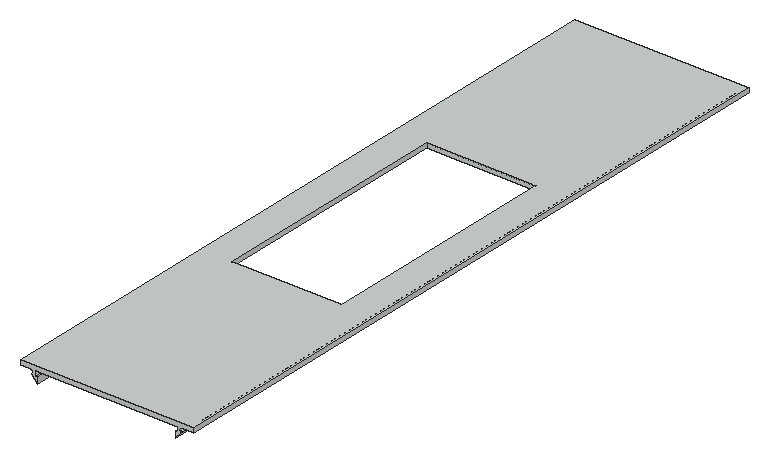
Revit family "Specialty_Equipment-Metal_Raceway-Hubbell_Wiring-Hubbell_Istation_Cover-HBLALULPB", category Specialty Equipment, host Face, Revit 2015
Parameters (values of type "HBLALULPB")
  URL = "http://www.hubbell-wiring.com/"
  Product data url = "https://bimobject.com/hubbellwiring/product/hubbell-metal-raceway-alu3800"
  Product Page URL = "http://ecatalog.hubbell-wiring.com/ProductInformation/ViewCatalog.aspx?Dest=hubbell-wiring.com/press/catalog/r.pdf"
  Product Documentation Link = "http://www.hubbell-wiring.com/press/pdfs/h5233r08.pdf"
  Model = "HBLALULPB"  # constant formula
  Manufacturer = "Hubbell Wiring Device Kellems"  # constant formula
  Host Note = "Add in Section View; Host to Wall"  # constant formula
  Description = "Hubbell Istation Cover"  # constant formula
  Default Elevation = 48.00"
  Cable Tray Material = Metal-Hubbell-Aluminium
  B = 3.00"
  Assembly Code = "D5090900"
  A = 12.00"
Reference planes (in)
  plane 1 "Center (Front/Back)": y = 0
  plane 2: z = 0
  plane 3 "Center (Left/Right)": x = 0
  plane 4: z = 2.075
  plane 5: y = 6
  plane 6: y = -6
  plane 7: x = -1.49625
  plane 8: x = 1.50375
  plane 9: y = 1.625
  plane 10: y = -1.625
Forms (in)
  Extrusion 1, void
    sketch origin (1.49625, 0, 2.17481) x (0, -1, 0) y (-1, 0, 0)
      loop
        line (2.105, 0.54625) -> (2.105, 2.44625) -> (-2.105, 2.44625) -> (-2.105, 0.54625) -> (2.105, 0.54625)
    from 0.025 to 0.09981
  Extrusion 2, solid, material "Metal-Hubbell-Aluminium" <- "Cable Tray Material"
    sketch origin (0, 0, 0) x (1, 0, 0) y (0, 0, 1)
      loop
        line (-1.49625, 2.14981) -> (-1.49625, 2.075) -> (-1.30672, 2.075)
        arc (-1.30672, 2.075) -> (-1.27184, 2.04149) -> (-1.30392, 2.00529) r 0.03491
        line (-1.30392, 2.00529) -> (-1.18995, 1.89132) -> (-1.18995, 1.9952) -> (-1.22194, 1.9952) -> (-1.22194, 2.075) -> (1.22194, 2.075) -> (1.22194, 1.9952) -> (1.18995, 1.9952) -> (1.18995, 1.89132) -> (1.30392, 2.00529)
        arc (1.30392, 2.00529) -> (1.27184, 2.04149) -> (1.30673, 2.075) r 0.03491
        line (1.30673, 2.075) -> (1.50375, 2.075) -> (1.50375, 2.14981) -> (-1.49625, 2.14981)
    from -6 to 6
Cuts and joins
  Extrusion 1 cuts Extrusion 2
Lines and regions (in)
  reference lines
    curve 1: line (-0.95, -2.105, 2.075) -> (0.95, -2.105, 2.075)
    curve 2: line (-0.95, 2.105, 2.075) -> (-0.95, -2.105, 2.075)
    curve 3: line (0.95, 2.105, 2.075) -> (-0.95, 2.105, 2.075)
    curve 4: line (0.95, -2.105, 2.075) -> (0.95, 2.105, 2.075)
    curve 5: line (-1.49625, 0, 2.14981) -> (-1.49625, 0, 2.075)
    curve 6: line (1.50375, 0, 2.14981) -> (-1.49625, 0, 2.14981)
    curve 7: line (1.50375, 0, 2.075) -> (1.50375, 0, 2.14981)
    curve 8: line (1.30673, 0, 2.075) -> (1.50375, 0, 2.075)
    curve 9: arc (1.30392, 0, 2.00529) -> (1.27184, 0, 2.04149) -> (1.30673, 0, 2.075) r 0.03491
    curve 10: line (1.18995, 0, 1.89132) -> (1.30392, 0, 2.00529)
    curve 11: line (1.18995, 0, 1.9952) -> (1.18995, 0, 1.89132)
    curve 12: line (1.22194, 0, 1.9952) -> (1.18995, 0, 1.9952)
    curve 13: line (1.22194, 0, 2.075) -> (1.22194, 0, 1.9952)
    curve 14: line (-1.22194, 0, 2.075) -> (1.22194, 0, 2.075)
    curve 15: line (-1.22194, 0, 1.9952) -> (-1.22194, 0, 2.075)
    curve 16: line (-1.18995, 0, 1.9952) -> (-1.22194, 0, 1.9952)
    curve 17: line (-1.18995, 0, 1.89132) -> (-1.18995, 0, 1.9952)
    curve 18: line (-1.30392, 0, 2.00529) -> (-1.18995, 0, 1.89132)
    curve 19: arc (-1.30672, 0, 2.075) -> (-1.27184, 0, 2.04149) -> (-1.30392, 0, 2.00529) r 0.03491
    curve 20: line (-1.49625, 0, 2.075) -> (-1.30672, 0, 2.075)
  symbolic lines
    curve 21: line (-1.49625, -6, 0) -> (1.50375, -6, 0)
    curve 22: line (-1.49625, 6, 0) -> (-1.49625, -6, 0)
    curve 23: line (1.50375, 6, 0) -> (-1.49625, 6, 0)
    curve 24: line (1.50375, -6, 0) -> (1.50375, 6, 0)
    curve 25: line (0.95, 2.105, 0) -> (-0.95, 2.105, 0)
    curve 26: line (0.95, -2.105, 0) -> (0.95, 2.105, 0)
    curve 27: line (-0.95, -2.105, 0) -> (0.95, -2.105, 0)
    curve 28: line (-0.95, 2.105, 0) -> (-0.95, -2.105, 0)
    curve 29: line (0, 6, 2.075) -> (0, -6, 2.075)
    curve 30: line (0, 6, 2.14981) -> (0, 6, 2.075)
    curve 31: line (0, -6, 2.14981) -> (0, 6, 2.14981)
    curve 32: line (0, -6, 2.075) -> (0, -6, 2.14981)
    curve 33: line (1.50375, 0, 2.075) -> (-1.49625, 0, 2.075)
    curve 34: line (1.50375, 0, 2.14981) -> (1.50375, 0, 2.075)
    curve 35: line (-1.49625, 0, 2.14981) -> (1.50375, 0, 2.14981)
    curve 36: line (-1.49625, 0, 2.075) -> (-1.49625, 0, 2.14981)
Dimensions and locks (in)
  equal spacing: plane 5, plane 1 "Center (Front/Back)", plane 6
  "A": plane 5 to plane 6
  "B": plane 7 to plane 8
  equal spacing: plane 9, plane 1 "Center (Front/Back)", plane 10, locked at 1.625 each
  curve 3 to plane 1 "Center (Front/Back)" to curve 1 = 2.105", 2.105"
  equal spacing: curve 2, plane 3 "Center (Left/Right)", curve 4, locked at 0.95 each
  plane 4 to host face = 2.075"
  aligned and locked: plane 2 to host face
  aligned and locked: level to host face
  aligned and locked: Extrusion 1 sketch curve to curve 4
  aligned and locked: Extrusion 1 sketch curve to curve 3
  aligned and locked: Extrusion 1 sketch curve to curve 2
  aligned and locked: Extrusion 1 sketch curve to curve 1
  aligned and locked: Extrusion 2 sketch curve to curve 5
  aligned and locked: Extrusion 2 sketch curve to curve 6
  aligned and locked: Extrusion 2 sketch curve to curve 7
  aligned and locked: Extrusion 2 sketch curve to curve 9
  aligned and locked: Extrusion 2 sketch curve to curve 10
  aligned and locked: Extrusion 2 sketch curve to curve 11
  aligned and locked: Extrusion 2 sketch curve to curve 13
  aligned and locked: Extrusion 2 sketch curve to curve 12
  aligned and locked: Extrusion 2 sketch curve to curve 14
  aligned and locked: Extrusion 2 sketch curve to curve 15
  aligned and locked: Extrusion 2 sketch curve to curve 16
  aligned and locked: Extrusion 2 sketch curve to curve 17
  aligned and locked: Extrusion 2 sketch curve to curve 18
  aligned and locked: Extrusion 2 sketch curve to curve 19
  aligned and locked: Extrusion 2 sketch curve to curve 20
  aligned and locked: plane 5 to Extrusion 2
  aligned and locked: Extrusion 2 to plane 6
  aligned and locked: plane 5 to curve 23
  aligned and locked: curve 24 to plane 8
  aligned and locked: curve 21 to plane 6
  aligned and locked: curve 22 to plane 7
  aligned and locked: curve 25 to cut or joined group of Extrusion 1, Extrusion 2
  aligned and locked: curve 26 to cut or joined group of Extrusion 1, Extrusion 2
  aligned and locked: curve 27 to cut or joined group of Extrusion 1, Extrusion 2
  aligned and locked: curve 28 to cut or joined group of Extrusion 1, Extrusion 2
  aligned and locked: curve 30 to plane 5
  aligned and locked: plane 4 to curve 29
  aligned and locked: plane 6 to curve 32
Automatic sketch dimensions
  host sketch curve to host sketch curve = 96.00"  (x2)
  curve 5 to plane 4 = 0.00"
  curve 5 to plane 7 = 0.00"
  plane 8 to curve 6 = 0.00"
  plane 4 to curve 6 = 0.07481"
  curve 7 to plane 4 = 0.00"
  plane 8 to curve 8 = 0.19703"
  curve 9 to curve 9 = 0.00281"
  curve 9 to plane 4 = 0.03491"
  curve 10 to curve 10 = 0.11397"  (x2)
  curve 11 to plane 4 = 0.0798"
  curve 11 to curve 12 = 0.03199"
  curve 13 to plane 4 = 0.00"
  plane 7 to curve 14 = 0.27431"
  curve 15 to plane 4 = 0.0798"
  curve 15 to curve 16 = 0.03199"
  curve 17 to curve 17 = 0.10388"
  curve 18 to plane 4 = 0.06971"
  curve 18 to curve 15 = 0.08198"
  curve 19 to plane 4 = 0.03491"
  plane 8 to curve 1 = 0.55375"
  curve 29 to curve 31 = 0.07481"
  curve 33 to plane 4 = 0.00"
  curve 33 to plane 7 = 0.00"
  plane 8 to curve 35 = 0.00"
  curve 33 to curve 35 = 0.07481"
